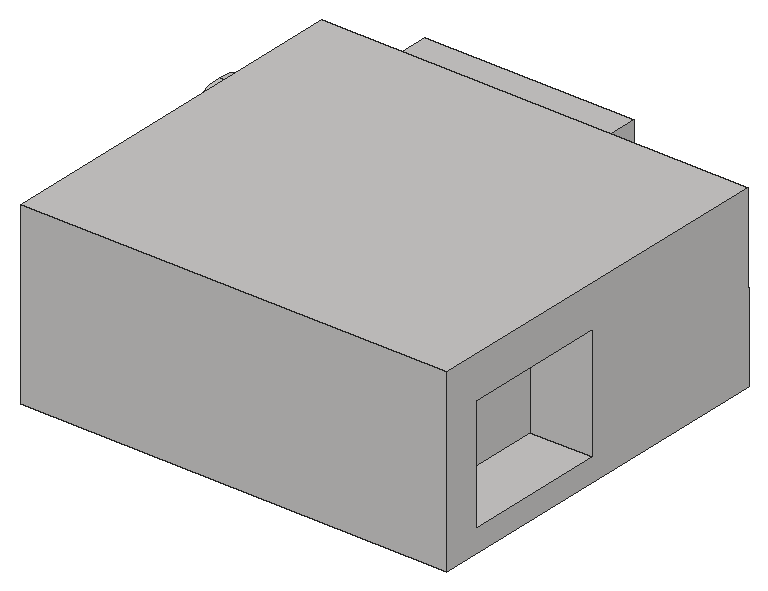
Revit family
Parameters
  Width = 3' - 0 1/8"
  Voltage = 120 V
  Unit Weight = "150.0 lbs"
  UltraLoc Liner = Choose Liner Option = 3  # no
  URL = "http://www.titus-hvac.com/"
  UL = "181"
  Supply Air Flow [instance] = 0 CFM
  SteriLoc Liner = Choose Liner Option = 2  # no
  Primary Air Pressure Drop [instance] = 0.00 in-wg
  Primary Air Flow [instance] = 0 CFM
  Plenum Air Pressure Drop [instance] = 0.00 in-wg
  Plenum Air Flow [instance] = 0 CFM
  Outlet Width = 1' - 2"
  Outlet Vertical Offset = 0' - 1 1/8"
  Outlet Horizontal Offset = 0' - 1 3/8"
  Outlet Height = 0' - 11"
  Number of Poles = 1
  Nominal Width = Width + 0' 6 1/4"  # 3' - 6 3/8"
  Nominal Length = Length + 0' 3 3/8"  # 3' - 8 1/4"
  Nominal Inlet Size = 1' - 0"
  Nominal Height = 1' - 5 1/8"
  NFPA = "90A"
  Motor Full Load Amps = 7 A
  Model = "DTQS"
  Min. Air Flow = 0 CFM
  Max. Air Flow = 0 CFM
  Material = Galvanized Steel
  Manufacturer = "Titus"
  Length = 3' - 4 7/8"
  Juction Box Offset = 0' - 4 7/8"
  Inlet Diameter = Nominal Inlet Size - 0' 0 1/8"  # 0' - 11 7/8"
  Induced Air Inlet Offset = 0' - 4 1/2"
  Induced Air Inlet Width = 1' - 1 1/4"
  Induced Air Inlet Height = 1' - 2 1/2"
  Induced Air Filter = no
  Heating Total Capacity [instance] = 0 Btu/h
  Half Outlet Connection Width = Outlet Width / 2  # 0' - 7"
  Half Outlet Connection Height = Outlet Height / 2  # 0' - 5 1/2"
  Half Height Start = -(Nominal Height / 2)  # -0' - 8 9/16"
  Half Height End = Nominal Height / 2  # 0' - 8 9/16"
  HP-Motor = "1/4"
  Frequency = 60 Hz
  Filter Size = "19\"x17\""
  Fiber Free Liner = Choose Liner Option = 1  # no
  Fan Disconnect Switch = no
  Duct Radius = Nominal Inlet Size / 2  # 0' - 6"
  Description = "Series Fan Powered Terminal Unit, Direct Digital Control, Pressure Independent"
  Connection Void Radius = Connection Radius - 0' 0 1/4"  # 0' - 5 11/16"
  Connection Radius = Inlet Diameter / 2  # 0' - 5 15/16"
  Choose Liner Option = 0
  CADworks URL = "www.CADworks.net"
  Assembly Code = "D3040100"
  Apparent Power = Voltage * Motor Full Load Amps  # 840 VA
  Air Inlet Offset = 0' - 8"
  1/2" Fiberglass Liner = Choose Liner Option = 0  # yes
Reference planes (in)
  plane 1 "Center (Front/Back)": y = 0
  plane 2: z = 0
  plane 3 "Center (Left/Right)": x = 3
  plane 4: x = -17.4375
  plane 5: x = 23.4375
  plane 6: x = -12.5625
  plane 7: x = -20.8125
  plane 8 "Center (Elevation)": z = 0
  plane 9: y = -18.0625
  plane 10: y = 18.0625
  plane 11: y = 10.0625
  plane 12: y = -13.5625
  plane 13: x = -11.4375
  plane 14: x = 17.4375
  plane 15: y = 24.3125
  plane 16: z = 8.5625
  plane 17: z = -8.5625
Forms (in)
  Extrusion 1, solid, material "Galvanized Steel" <- "Material"
    sketch origin (61, -3.76302, 78.80279) x (1, 0, 0) y (0, 1, 0)
      loop
        line (-78.4375, 21.82552) -> (-78.4375, -14.29948) -> (-37.5625, -14.29948) -> (-37.5625, 21.82552) -> (-78.4375, 21.82552)
    from -87.36529 <- "Half Height Start" to -70.24029 <- "Half Height End"
  Extrusion 2, solid, material "Galvanized Steel" <- "Material"
    sketch origin (6.0625, 0, 42) x (1, 0, 0) y (0, 1, 0)
      loop
        line (-18.625, 18.0625) -> (1.375, 18.0625) -> (1.375, 24.3125) -> (-18.625, 24.3125) -> (-18.625, 18.0625)
    from -48 to -36
  Extrusion 3, void
    sketch origin (23.4375, 18.0625, 76.42779) x (0, 1, 0) y (0, 0, -1)
      loop
        line (-18.625, 71.86529) -> (-18.625, 82.86529) -> (-32.625, 82.86529) -> (-32.625, 71.86529) -> (-18.625, 71.86529)
    from 0 to 6
  Extrusion 4, solid, material "Galvanized Steel" <- "Material"
    sketch origin (-24.875, -0.4375, 0) x (0, 0, -1) y (0, 1, 0)
      loop
        circle (0, 10.5) r 5.9375
    from 4.0625 to 7.4375
  Extrusion 5, void
    sketch origin (-24.875, 0, 0) x (0, 1, 0) y (0, 0, 1)
      loop
        circle (10.0625, 0) r 5.6875
    from 4.0625 to 13.4375
  Extrusion 6, void
    sketch origin (-17.4375, -18.0625, 78.67779) x (0, -1, 0) y (0, 0, -1)
      loop
        line (-17.75, 71.49029) -> (-4.5, 71.49029) -> (-4.5, 85.99029) -> (-17.75, 85.99029) -> (-17.75, 71.49029)
    from 0 to 6
Cuts and joins
  Extrusion 3, Extrusion 5, Extrusion 6 cuts Extrusion 1
  Extrusion 5 cuts Extrusion 4
Dimensions and locks (in)
  "Length": plane 5 to plane 4
  equal spacing: plane 5, plane 3 "Center (Left/Right)", plane 4
  locked: Extrusion 2 to plane 6 at 0
  locked: Extrusion 2 to Extrusion 2 at 20
  "Juction Box Offset": plane 6 to plane 4
  "Outlet Height": Extrusion 3 sketch curve to Extrusion 3 sketch curve
  "Outlet Width": Extrusion 3 sketch curve to Extrusion 3 sketch curve
  locked: plane 4 to plane 7 at 3.375
  "Width": plane 9 to plane 10
  equal spacing: plane 9, plane 1 "Center (Front/Back)", plane 10
  locked: Extrusion 4 sketch curve to level at 0
  locked: Extrusion 4 sketch curve to plane 11 at 0
  locked: Extrusion 5 sketch curve to level at 0
  locked: Extrusion 5 sketch curve to plane 11 at 0
  locked: Extrusion 2 to Extrusion 2 at 6.25
  "Air Inlet Offset": plane 10 to plane 11
  locked: Extrusion 2 to plane 10 at 0
  locked: cut or joined group of Extrusion 4, Extrusion 5 to plane 7 at 0
  locked: cut or joined group of Extrusion 4, Extrusion 5 to cut or joined group of Extrusion 4, Extrusion 5 at 3.375
  "Induced Air Inlet Offset": plane 9 to plane 12
  "Induced Air Inlet Width": Extrusion 6 sketch curve to Extrusion 6 sketch curve
  "Induced Air Inlet Height": Extrusion 6 sketch curve to Extrusion 6 sketch curve
  "Induced Air Inlet Offset": Extrusion 6 sketch curve to plane 9
  locked: plane 9 to Extrusion 3 sketch curve at 3.5
  cut or joined group of Extrusion 1, Extrusion 3, Extrusion 5, Extrusion 6 to Extrusion 6 sketch curve = 0' - 1 3/8"
  cut or joined group of Extrusion 1, Extrusion 3, Extrusion 5, Extrusion 6 to Extrusion 3 sketch curve = 0' - 2 1/8"
  locked: Extrusion 2 to Extrusion 2 at 12
  equal spacing: Extrusion 2, level, Extrusion 2
  locked: cut or joined group of Extrusion 1, Extrusion 3, Extrusion 5, Extrusion 6 to cut or joined group of Extrusion 1, Extrusion 3, Extrusion 5, Extrusion 6 at 17.125
  equal spacing: cut or joined group of Extrusion 1, Extrusion 3, Extrusion 5, Extrusion 6, level, cut or joined group of Extrusion 1, Extrusion 3, Extrusion 5, Extrusion 6
  locked: plane 4 to plane 13 at 6
  locked: plane 14 to plane 5 at 6
  "Connection Radius": radius of Extrusion 4 sketch curve
  "Connection Void Radius": radius of Extrusion 5 sketch curve
  aligned and locked: cut or joined group of Extrusion 1, Extrusion 3, Extrusion 5, Extrusion 6 to plane 10
  aligned and locked: plane 9 to cut or joined group of Extrusion 1, Extrusion 3, Extrusion 5, Extrusion 6
  aligned and locked: plane 5 to cut or joined group of Extrusion 1, Extrusion 3, Extrusion 5, Extrusion 6
  aligned and locked: cut or joined group of Extrusion 1, Extrusion 3, Extrusion 5, Extrusion 6 to plane 4
  aligned and locked: Extrusion 3 to plane 14
  aligned and locked: plane 13 to Extrusion 6
  aligned and locked: Extrusion 6 to Extrusion 5
Automatic sketch dimensions
  plane 4 to Extrusion 1 sketch curve = 0' - 0"
  plane 5 to Extrusion 1 sketch curve = 0' - 0"
  plane 9 to Extrusion 1 sketch curve = 0' - 0"
  plane 10 to Extrusion 1 sketch curve = 0' - 0"
  Extrusion 2 sketch curve to plane 6 = 0' - 0"
  Extrusion 2 sketch curve to plane 10 = 0' - 0"
  plane 3 "Center (Left/Right)" to Extrusion 2 sketch curve = 0' - 4 7/16"
  Extrusion 2 sketch curve to plane 10 = 0' - 6 1/4"
Connectors (in)
  electrical at (-2.5625, 24.3125, 0), driven by "Apparent Power", driven by "Voltage", driven by "Number of Poles"
    settings: on Extrusion 2, index 8
  hvac at (-20.8125, 10.0625, 0), driven by "Primary Air Flow", driven by "Duct Radius", driven by "Primary Air Pressure Drop"
    settings: on cut or joined group of Extrusion 4, Extrusion 5, index 9
  hvac at (-17.4375, -6.9375, -0.0625), driven by "Induced Air Inlet Width", driven by "Induced Air Inlet Height", driven by "Plenum Air Pressure Drop", driven by "Plenum Air Flow"
    settings: on cut or joined group of Extrusion 1, Extrusion 3, Extrusion 5, Extrusion 6, index 14
  hvac at (23.4375, -7.5625, -0.9375), driven by "Supply Air Flow", driven by "Outlet Width", driven by "Outlet Height"
    settings: on cut or joined group of Extrusion 1, Extrusion 3, Extrusion 5, Extrusion 6, index 15
